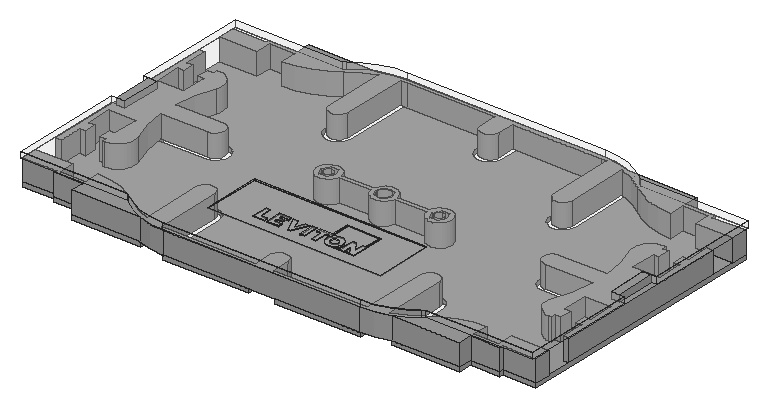
Revit family "Data_Device-Network-Leviton-Splice_Tray-T5PLS", category Data Devices, host Face, Revit 2019
Family settings
  Host = Face
  Maintain Annotation Orientation = Yes
  Round Connector Dimension = Use Diameter
  Part Type = Normal
  OmniClass Number = 23.85.50.17
  OmniClass Title = Communication and Data Processing Equipment
  Cut with Voids When Loaded = No
  Shared = Yes
  Room Calculation Point = No
Parameters (values of type "24-Fiber Splice Tray")
  z Leviton Type = 2
  z Is 24 Fibers = or(z Leviton Type = 2, z Leviton Type = 4)  # yes
  z Is 12 Fibers = or(z Leviton Type = 1, z Leviton Type = 3)  # no
  Width [instance] = if(z Leviton Type = 1, 5.59", 7.621")  # 7.621"
  Weight [instance] = 0.00 lbf
  URL = "http://www.leviton.com/networksolutions"
  UPC Code [instance] = ""
  Type Comments = ""
  Technical Support Phone Number = "1-800-824-3005"  # constant formula
  Shielded = 1 = 0  # no
  Serial Number [instance] = ""
  Quantity per Package = 0
  Product Documentation Link = "https://www.leviton.com/en/docs/Leviton_Spec_Opt-X_SDX_Engage_MTP_Fiber_Cassettes.pdf"
  Port ID [instance] = ""
  Part Number [instance] = if(z Leviton Type = 1, "T5PLS-12F", if(z Leviton Type = 2, "T5PLS-24F", "ERROR"))  # "T5PLS-24F"
  Part Description = Description  # "OPT-X SDX Engage Low Loss MTP Fiber Cassettes - OS2, 24-fiber, 2x12F MTP to LC shuttered, C Polarity."
  Original Creation Date = "September 28, 2023"  # constant formula
  Model Disclaimer = "http://www.leviton.com/BIMTERMS"
  Model = " "
  Minimum Order Quantity = 0
  Manufacturer = "Leviton"  # constant formula
  Height [instance] = if(z Leviton Type = 1, 3.74", 4.567")  # 4.567"
  Has ID Windows = 1 = 0  # no
  Family Version = "1.0.0"  # constant formula
  Equipment Type = ""
  Equipment Abbreviation = "FST"  # constant formula
  Description = "OPT-X SDX Engage Low Loss MTP Fiber Cassettes - OS2, 24-fiber, 2x12F MTP to LC shuttered, C Polarity."
  Depth [instance] = if(z Leviton Type = 1, 0.53", 0.49")  # 0.49"
  Default Elevation = 24"
  Date Last Modified = "September 28, 2023"  # constant formula
  Copyright = "Copyright © 2013-2014 Leviton Manufacturing Co., Inc."  # constant formula
  Channel ID [instance] = ""
  Channel Count [instance] = 0
  Assembly Code = "D5030600"
  Adapter Material = Plastic - Leviton - Blue
Reference planes (in)
  plane 1 "Center (Front/Back)": y = 0.21474
  plane 2 "Mounting Surface": z = 0
  plane 3 "Center (Left/Right)": x = -0.9065
  plane 4: x = -4.717
  plane 5: x = 2.904
  plane 6: y = 2.49824
  plane 7: y = -2.06876
  plane 8: z = 0.49
Dimensions and locks (in)
  equal spacing: plane 6, plane 1 "Center (Front/Back)", plane 7
  "Height": plane 6 to plane 7
  equal spacing: plane 4, plane 3 "Center (Left/Right)", plane 5
  "Width": plane 4 to plane 5
  "Depth": plane 8 to plane 2 "Mounting Surface"
  aligned and locked: plane 2 "Mounting Surface" to host face
  aligned and locked: host face to level
  aligned and locked: plane 3 "Center (Left/Right)" to nested 1
  aligned and locked: plane 1 "Center (Front/Back)" to nested 1
  aligned and locked: plane 1 "Center (Front/Back)" to nested 2
  aligned and locked: plane 3 "Center (Left/Right)" to nested 2
  aligned and locked: plane 1 "Center (Front/Back)" to nested 3
  aligned and locked: plane 3 "Center (Left/Right)" to nested 3
Automatic sketch dimensions
  host sketch curve to host sketch curve = 19"
  host sketch curve to host sketch curve = 36.38525"
Nested families (in)
  nested 1: "Symbol" at (-0.9065, 0.21474, 0), type "Data"
  nested 2: "12-Fiber Mini" at (-0.9065, 0.21474, 0), visible <- "z Is 12 Fibers", type "T5PLS-12F"
  nested 3: "24-Fiber High Density" at (-0.9065, 0.21474, 0), visible <- "z Is 24 Fibers", type "T5PLS-24F"
Definition of nested family "12-Fiber Mini"
  Parameters (values of type "T5PLS-12F")
    Width = 5.59"  # constant formula
    URL = "http://www.leviton.com/networksolutions"
    Manufacturer = "Leviton"  # constant formula
    Height = 3.74"  # constant formula
    Description = ""
    Depth = 0.43"  # constant formula
    Default Elevation = 48"
    Assembly Code = "D5030600"
  Reference planes (in)
    plane 1 "Center (Front/Back)": y = 0
    plane 2: z = 0
    plane 3 "Center (Left/Right)": x = 0
    plane 4 "Left": x = -2.795
    plane 5 "Top": y = 1.87
    plane 6 "Right": x = 2.795
    plane 7 "Bottom": y = -1.87
    plane 8: z = 0.43
    plane 9: z = 0.53
    plane 10: z = 0.06
    plane 11: x = -0.82669
    plane 12: x = 0.82669
  Forms (in)
    Extrusion 1, solid
      sketch origin (0, 0, 0) x (1, 0, 0) y (0, 1, 0)
        loop
          line (-48, 48) -> (-48, -48) -> (48, -48) -> (48, 48) -> (-48, 48)
      from 0 to -12
    Extrusion 2, solid, detail levels medium+fine
      sketch origin (0, 0, 0) x (1, 0, 0) y (0, 1, 0)
        loop
          line (2.28324, -1.87) -> (2.795, -1.87) -> (2.795, -1.63358) -> (1.89054, -1.63358)
          arc (1.89054, -1.63358) -> (1.70343, -1.6485) -> (1.52103, -1.69287) r 1.181
          arc (1.52103, -1.69287) -> (1.42054, -1.72354) -> (1.31877, -1.74967) r 2.3423
          line (1.31877, -1.74967) -> (1.31877, -1.1612)
          arc (1.31877, -1.1612) -> (1.18099, -1.02342) -> (1.0432, -1.1612) r 0.13778
          line (1.0432, -1.1612) -> (1.0432, -1.79672)
          arc (1.0432, -1.79672) -> (0.91546, -1.80723) -> (0.78732, -1.81074) r 2.34229
          line (0.78732, -1.81074) -> (-0.78732, -1.81074)
          arc (-0.78732, -1.81074) -> (-0.91546, -1.80723) -> (-1.0432, -1.79672) r 2.34229
          line (-1.0432, -1.79672) -> (-1.0432, -1.1612)
          arc (-1.0432, -1.1612) -> (-1.18099, -1.02342) -> (-1.31877, -1.1612) r 0.13778
          line (-1.31877, -1.1612) -> (-1.31877, -1.74967)
          arc (-1.31877, -1.74967) -> (-1.42054, -1.72354) -> (-1.52103, -1.69287) r 2.3423
          arc (-1.52103, -1.69287) -> (-1.70343, -1.6485) -> (-1.89054, -1.63358) r 1.181
          line (-1.89054, -1.63358) -> (-2.795, -1.63358) -> (-2.795, -1.87) -> (-2.28324, -1.87) -> (-2.28324, -1.69271) -> (-1.8998, -1.69271)
          arc (-1.8998, -1.69271) -> (-1.71436, -1.70741) -> (-1.53353, -1.75105) r 1.1809
          arc (-1.53353, -1.75105) -> (-1.16485, -1.84) -> (-0.78678, -1.8699) r 2.40552
          line (-0.78678, -1.8699) -> (0.78678, -1.8699)
          arc (0.78678, -1.8699) -> (1.16485, -1.84) -> (1.53353, -1.75105) r 2.40552
          arc (1.53353, -1.75105) -> (1.71436, -1.70741) -> (1.8998, -1.69271) r 1.1809
          line (1.8998, -1.69271) -> (2.28324, -1.69271) -> (2.28324, -1.87)
        loop
          line (2.73595, -1.25961) -> (2.795, -1.25961) -> (2.795, 1.25961) -> (2.73595, 1.25961) -> (2.73595, 1.02342) -> (2.21236, 1.02342)
          arc (2.21236, 1.02342) -> (2.11097, 0.96587) -> (2.10839, 0.84931) r 0.1181
          arc (2.10839, 0.84931) -> (2.25005, 0.50453) -> (2.31728, 0.13789) r 1.79116
          line (2.31728, 0.13789) -> (1.7911, 0.13789)
          arc (1.7911, 0.13789) -> (1.65332, 0.00011) -> (1.7911, -0.13768) r 0.13778
          line (1.7911, -0.13768) -> (2.3173, -0.13768)
          arc (2.3173, -0.13768) -> (2.25008, -0.50443) -> (2.10839, -0.84931) r 1.79116
          arc (2.10839, -0.84931) -> (2.11097, -0.96587) -> (2.21236, -1.02342) r 0.1181
          line (2.21236, -1.02342) -> (2.73595, -1.02342) -> (2.73595, -1.25961)
        loop
          line (2.28324, 1.87) -> (2.28324, 1.69257) -> (1.89968, 1.69257)
          arc (1.89968, 1.69257) -> (1.71387, 1.70728) -> (1.5327, 1.75103) r 1.18107
          arc (1.5327, 1.75103) -> (1.16366, 1.84015) -> (0.7852, 1.87011) r 2.40573
          line (0.7852, 1.87011) -> (-0.78521, 1.87011)
          arc (-0.78521, 1.87011) -> (-1.16367, 1.84015) -> (-1.5327, 1.75103) r 2.40573
          arc (-1.5327, 1.75103) -> (-1.71388, 1.70728) -> (-1.89968, 1.69257) r 1.18107
          line (-1.89968, 1.69257) -> (-2.28324, 1.69257) -> (-2.28324, 1.87) -> (-2.795, 1.87) -> (-2.795, 1.63358) -> (-1.89054, 1.63358)
          arc (-1.89054, 1.63358) -> (-1.70343, 1.6485) -> (-1.52103, 1.69287) r 1.181
          arc (-1.52103, 1.69287) -> (-1.42054, 1.72354) -> (-1.31877, 1.74967) r 2.3423
          line (-1.31877, 1.74967) -> (-1.31877, 1.1612)
          arc (-1.31877, 1.1612) -> (-1.18099, 1.02342) -> (-1.0432, 1.1612) r 0.13778
          line (-1.0432, 1.1612) -> (-1.0432, 1.79672)
          arc (-1.0432, 1.79672) -> (-0.91546, 1.80723) -> (-0.78732, 1.81095) r 2.34229
          line (-0.78732, 1.81095) -> (0.78732, 1.81074)
          arc (0.78732, 1.81074) -> (0.91546, 1.80723) -> (1.0432, 1.79672) r 2.34229
          line (1.0432, 1.79672) -> (1.0432, 1.1612)
          arc (1.0432, 1.1612) -> (1.18099, 1.02342) -> (1.31877, 1.1612) r 0.13778
          line (1.31877, 1.1612) -> (1.31877, 1.74967)
          arc (1.31877, 1.74967) -> (1.42054, 1.72354) -> (1.52103, 1.69287) r 2.3423
          arc (1.52103, 1.69287) -> (1.70343, 1.6485) -> (1.89054, 1.63358) r 1.181
          line (1.89054, 1.63358) -> (2.795, 1.63358) -> (2.795, 1.87) -> (2.28324, 1.87)
        loop
          line (0.53144, 0.55123) -> (0.53144, 0.02963) -> (0.17667, 0.02963)
          arc (0.17667, 0.02963) -> (0, 0.17922) -> (-0.17667, 0.02963) r 0.17912
          line (-0.17667, 0.02963) -> (-0.53144, 0.02963) -> (-0.53144, 0.55123) -> (-0.82669, 0.55123)
          arc (-0.82669, 0.55123) -> (-1.37782, 0.00011) -> (-0.82669, -0.55102) r 0.55113
          line (-0.82669, -0.55102) -> (-0.53144, -0.55102) -> (-0.53144, -0.02942) -> (-0.17667, -0.02942)
          arc (-0.17667, -0.02942) -> (0, -0.17901) -> (0.17667, -0.02942) r 0.17912
          line (0.17667, -0.02942) -> (0.53144, -0.02942) -> (0.53144, -0.55102) -> (0.82669, -0.55102)
          arc (0.82669, -0.55102) -> (1.37782, 0.00011) -> (0.82669, 0.55123) r 0.55113
          line (0.82669, 0.55123) -> (0.53144, 0.55123)
        loop
          line (-2.73595, -1.25961) -> (-2.73595, -1.02342) -> (-2.21236, -1.02342)
          arc (-2.21236, -1.02342) -> (-2.11097, -0.96587) -> (-2.10839, -0.84931) r 0.1181
          arc (-2.10839, -0.84931) -> (-2.25008, -0.50443) -> (-2.3173, -0.13768) r 1.79116
          line (-2.3173, -0.13768) -> (-1.7911, -0.13768)
          arc (-1.7911, -0.13768) -> (-1.65332, 0.00011) -> (-1.7911, 0.13789) r 0.13778
          line (-1.7911, 0.13789) -> (-2.31728, 0.13789)
          arc (-2.31728, 0.13789) -> (-2.25005, 0.50453) -> (-2.10839, 0.84931) r 1.79116
          arc (-2.10839, 0.84931) -> (-2.11097, 0.96587) -> (-2.21236, 1.02342) r 0.1181
          line (-2.21236, 1.02342) -> (-2.73595, 1.02342) -> (-2.73595, 1.25961) -> (-2.795, 1.25961) -> (-2.795, -1.25961) -> (-2.73595, -1.25961)
        loop
          line (-0.8882, 0.10643) -> (-0.94971, -0.00011) -> (-0.8882, -0.10664) -> (-0.76518, -0.10664) -> (-0.70367, -0.00011) -> (-0.76518, 0.10643) -> (-0.8882, 0.10643)
        loop
          line (0.8882, 0.10643) -> (0.76518, 0.10643) -> (0.70367, -0.00011) -> (0.76518, -0.10664) -> (0.8882, -0.10664) -> (0.94971, -0.00011) -> (0.8882, 0.10643)
        loop
          circle (0, -0.00011) r 0.12007
      from 0.06 to 0.43 <- "Depth"
    Extrusion 3, solid, detail levels medium+fine
      sketch origin (0, 0, 0) x (1, 0, 0) y (0, 1, 0)
        loop
          arc (-0.78678, 1.87) -> (-0.88555, 1.86787) -> (-0.98415, 1.86178) r 2.40552
          line (-0.98415, 1.86178) -> (-0.98415, 1.1612)
          arc (-0.98415, 1.1612) -> (-1.18099, 0.96437) -> (-1.37782, 1.1612) r 0.19683
          line (-1.37782, 1.1612) -> (-1.37782, 1.79616)
          arc (-1.37782, 1.79616) -> (-1.45605, 1.77492) -> (-1.53353, 1.75105) r 2.40552
          arc (-1.53353, 1.75105) -> (-1.71436, 1.70741) -> (-1.8998, 1.69271) r 1.1809
          line (-1.8998, 1.69271) -> (-2.28324, 1.69271) -> (-2.28324, 1.87) -> (-2.795, 1.87) -> (-2.795, -1.87) -> (-2.28324, -1.87) -> (-2.28324, -1.69271) -> (-1.8998, -1.69271)
          arc (-1.8998, -1.69271) -> (-1.71436, -1.70741) -> (-1.53353, -1.75105) r 1.1809
          arc (-1.53353, -1.75105) -> (-1.45605, -1.77492) -> (-1.37782, -1.79616) r 2.40552
          line (-1.37782, -1.79616) -> (-1.37782, -1.1612)
          arc (-1.37782, -1.1612) -> (-1.18099, -0.96437) -> (-0.98415, -1.1612) r 0.19683
          line (-0.98415, -1.1612) -> (-0.98415, -1.86178)
          arc (-0.98415, -1.86178) -> (-0.88555, -1.86787) -> (-0.78678, -1.87) r 2.40552
          line (-0.78678, -1.87) -> (0.78678, -1.8699)
          arc (0.78678, -1.8699) -> (0.88555, -1.86787) -> (0.98415, -1.86178) r 2.40552
          line (0.98415, -1.86178) -> (0.98415, -1.1612)
          arc (0.98415, -1.1612) -> (1.18099, -0.96437) -> (1.37782, -1.1612) r 0.19683
          line (1.37782, -1.1612) -> (1.37782, -1.79616)
          arc (1.37782, -1.79616) -> (1.45605, -1.77492) -> (1.53353, -1.75105) r 2.40552
          arc (1.53353, -1.75105) -> (1.71436, -1.70741) -> (1.8998, -1.69271) r 1.1809
          line (1.8998, -1.69271) -> (2.28324, -1.69271) -> (2.28324, -1.87) -> (2.795, -1.87) -> (2.795, 1.87) -> (2.28324, 1.87) -> (2.28324, 1.69271) -> (1.8998, 1.69271)
          arc (1.8998, 1.69271) -> (1.71436, 1.70741) -> (1.53353, 1.75105) r 1.1809
          arc (1.53353, 1.75105) -> (1.45605, 1.77492) -> (1.37782, 1.79616) r 2.40552
          line (1.37782, 1.79616) -> (1.37782, 1.1612)
          arc (1.37782, 1.1612) -> (1.18099, 0.96437) -> (0.98415, 1.1612) r 0.19683
          line (0.98415, 1.1612) -> (0.98415, 1.86178)
          arc (0.98415, 1.86178) -> (0.88555, 1.86787) -> (0.78678, 1.87) r 2.40552
          line (0.78678, 1.87) -> (-0.78678, 1.87)
        loop
          line (1.7911, -0.19673) -> (2.31176, -0.19673)
          arc (2.31176, -0.19673) -> (2.32261, 0.00011) -> (2.31176, 0.19694) r 1.79116
          line (2.31176, 0.19694) -> (1.7911, 0.19694)
          arc (1.7911, 0.19694) -> (1.59427, 0.00011) -> (1.7911, -0.19673) r 0.19683
        loop
          arc (-1.7911, -0.19673) -> (-1.59427, 0.00011) -> (-1.7911, 0.19694) r 0.19683
          line (-1.7911, 0.19694) -> (-2.31176, 0.19694)
          arc (-2.31176, 0.19694) -> (-2.32261, 0.00011) -> (-2.31176, -0.19673) r 1.79116
          line (-2.31176, -0.19673) -> (-1.7911, -0.19673)
      from 0 to 0.06
    Extrusion 4, solid
      sketch origin (0, 17.64159, 0.43) x (0, 1, 0) y (-1, 0, 0)
        loop
          line (-15.77159, 2.795) -> (-19.51159, 2.795) -> (-19.51159, 2.28324) -> (-19.41159, 2.28324) -> (-19.41159, 1.78324) -> (-19.51159, 1.78324) -> (-19.51159, -1.78324) -> (-19.41159, -1.78324) -> (-19.41159, -2.28324) -> (-19.51159, -2.28324) -> (-19.51159, -2.795) -> (-15.77159, -2.795) -> (-15.77159, -2.28324) -> (-15.87159, -2.28324) -> (-15.87159, -1.78324) -> (-15.77159, -1.78324) -> (-15.77159, 1.78324) -> (-15.87159, 1.78324) -> (-15.87159, 2.28324) -> (-15.77159, 2.28324) -> (-15.77159, 2.795)
      from 0 to 0.1
    Extrusion 5, void
      sketch origin (0, 0, 0) x (1, 0, 0) y (0, 1, 0)
        loop
          line (-0.91, -1.48) -> (0.91, -1.48) -> (0.91, -0.3) -> (-0.91, -0.3) -> (-0.91, -1.48)
      from 0.51437 to 0.59613
    Extrusion 6, solid
      sketch origin (0, 0, 0) x (1, 0, 0) y (0, 1, 0)
        loop
          circle (-0.82669, -0.00011) r 0.06889
        loop
          circle (0.82669, -0.00011) r 0.06889
        loop
          circle (0, -0.00011) r 0.1
      from 0.24889 to 0.53
    Extrusion 7, solid, detail levels coarse
      sketch origin (0, 0, 0) x (1, 0, 0) y (0, 1, 0)
        loop
          arc (-0.78678, 1.87) -> (-0.98524, 1.8617) -> (-1.18235, 1.83715) r 2.40552
          arc (-1.18235, 1.83715) -> (-1.35956, 1.80071) -> (-1.53353, 1.75105) r 2.40552
          arc (-1.53353, 1.75105) -> (-1.71436, 1.70741) -> (-1.8998, 1.69271) r 1.1809
          line (-1.8998, 1.69271) -> (-2.28324, 1.69271) -> (-2.28324, 1.87) -> (-2.795, 1.87) -> (-2.795, -1.87) -> (-2.28324, -1.87) -> (-2.28324, -1.69271) -> (-1.8998, -1.69271)
          arc (-1.8998, -1.69271) -> (-1.71436, -1.70741) -> (-1.53353, -1.75105) r 1.1809
          arc (-1.53353, -1.75105) -> (-1.33554, -1.80647) -> (-1.13354, -1.84477) r 2.40552
          arc (-1.13354, -1.84477) -> (-0.96062, -1.86361) -> (-0.78678, -1.87) r 2.40552
          line (-0.78678, -1.87) -> (0.78678, -1.8699)
          arc (0.78678, -1.8699) -> (0.98524, -1.8617) -> (1.18235, -1.83715) r 2.40552
          arc (1.18235, -1.83715) -> (1.35956, -1.80071) -> (1.53353, -1.75105) r 2.40552
          arc (1.53353, -1.75105) -> (1.71436, -1.70741) -> (1.8998, -1.69271) r 1.1809
          line (1.8998, -1.69271) -> (2.28324, -1.69271) -> (2.28324, -1.87) -> (2.795, -1.87) -> (2.795, 1.87) -> (2.28324, 1.87) -> (2.28324, 1.69271) -> (1.8998, 1.69271)
          arc (1.8998, 1.69271) -> (1.71436, 1.70741) -> (1.53353, 1.75105) r 1.1809
          arc (1.53353, 1.75105) -> (1.33554, 1.80647) -> (1.13354, 1.84477) r 2.40552
          arc (1.13354, 1.84477) -> (0.96062, 1.86361) -> (0.78678, 1.87) r 2.40552
          line (0.78678, 1.87) -> (-0.78678, 1.87)
      from 0 to 0.43 <- "Depth"
  Cuts and joins
    Extrusion 5 cuts Extrusion 2
    Extrusion 5 cuts Extrusion 3
    Extrusion 5 cuts Extrusion 4
    joined: Extrusion 4, Extrusion 6
  Lines and regions (in)
    symbolic lines
      curve 1: line (-2.795, 1.87, 0) -> (-2.795, -1.87, 0)
      curve 2: line (-2.795, 1.87, 0) -> (-2.28324, 1.87, 0)
      curve 3: line (-2.795, -1.87, 0) -> (-2.28324, -1.87, 0)
      curve 4: line (2.795, 1.87, 0) -> (2.795, -1.87, 0)
      curve 5: line (1.78324, -1.77, 0) -> (2.28324, -1.77, 0)
      curve 6: line (1.78324, -1.87, 0) -> (1.78324, -1.77, 0)
      curve 7: line (2.28324, -1.77, 0) -> (2.28324, -1.87, 0)
      curve 8: line (-1.78324, -1.77, 0) -> (-1.78324, -1.87, 0)
      curve 9: line (-2.28324, -1.77, 0) -> (-1.78324, -1.77, 0)
      curve 10: line (-2.28324, -1.87, 0) -> (-2.28324, -1.77, 0)
      curve 11: line (-1.78324, 1.77, 0) -> (-2.28324, 1.77, 0)
      curve 12: line (-1.78324, 1.87, 0) -> (-1.78324, 1.77, 0)
      curve 13: line (-2.28324, 1.77, 0) -> (-2.28324, 1.87, 0)
      curve 14: line (1.78324, 1.77, 0) -> (1.78324, 1.87, 0)
      curve 15: line (2.28324, 1.77, 0) -> (1.78324, 1.77, 0)
      curve 16: line (2.28324, 1.87, 0) -> (2.28324, 1.77, 0)
      curve 17: line (2.28324, 1.87, 0) -> (2.795, 1.87, 0)
      curve 18: line (-1.78324, 1.87, 0) -> (1.78324, 1.87, 0)
      curve 19: line (-1.78324, -1.87, 0) -> (1.78324, -1.87, 0)
      curve 20: line (2.28324, -1.87, 0) -> (2.795, -1.87, 0)
  Dimensions and locks (in)
    equal spacing: plane 5 "Top", plane 1 "Center (Front/Back)", plane 7 "Bottom"
    "Height": plane 5 "Top" to plane 7 "Bottom"
    equal spacing: plane 4 "Left", plane 3 "Center (Left/Right)", plane 6 "Right"
    "Width": plane 4 "Left" to plane 6 "Right"
    "Depth": plane 8 to plane 2
    locked: plane 8 to plane 9 at 0.1
    plane 10 to plane 2 = 0.06"
    locked: nested 1 to plane 7 "Bottom" at 0.73
    equal spacing: plane 11, plane 3 "Center (Left/Right)", plane 12
    locked: plane 11 to plane 12 at 1.65338
    Extrusion 5 sketch curve to Extrusion 5 sketch curve to plane 7 "Bottom" = 1.18" locked, 0.39" locked
    equal spacing: Extrusion 5 sketch curve, plane 3 "Center (Left/Right)", Extrusion 5 sketch curve
    locked: Extrusion 5 sketch curve to Extrusion 5 sketch curve at 1.82
    aligned and locked: plane 2 to Extrusion 1
    aligned and locked: level to Extrusion 1
    aligned and locked: Extrusion 3 sketch curve to plane 5 "Top"
    aligned and locked: Extrusion 3 sketch curve to plane 6 "Right"
    aligned and locked: Extrusion 3 sketch curve to plane 7 "Bottom"
    aligned and locked: Extrusion 3 sketch curve to plane 4 "Left"
    aligned and locked: plane 10 to Extrusion 3
    aligned and locked: Extrusion 4 sketch curve to plane 4 "Left"
    aligned and locked: Extrusion 4 sketch curve to plane 6 "Right"
    aligned and locked: Extrusion 4 sketch curve to plane 7 "Bottom"  (x3)
    aligned and locked: Extrusion 4 sketch curve to plane 5 "Top"  (x3)
    aligned and locked: Extrusion 4 to plane 9
    aligned and locked: nested 1 to plane 9
    aligned and locked: cut or joined group of Extrusion 4, Extrusion 5, Extrusion 6 to plane 9
    aligned and locked: curve 1 to plane 4 "Left"
    aligned and locked: curve 2 to plane 5 "Top"
    aligned and locked: curve 3 to plane 7 "Bottom"
    aligned and locked: curve 4 to plane 6 "Right"
    aligned and locked: curve 5 to cut or joined group of Extrusion 4, Extrusion 5, Extrusion 6
    aligned and locked: curve 6 to cut or joined group of Extrusion 4, Extrusion 5, Extrusion 6
    aligned and locked: curve 7 to cut or joined group of Extrusion 4, Extrusion 5, Extrusion 6
    aligned and locked: curve 8 to cut or joined group of Extrusion 4, Extrusion 5, Extrusion 6
    aligned and locked: curve 9 to cut or joined group of Extrusion 4, Extrusion 5, Extrusion 6
    aligned and locked: curve 10 to cut or joined group of Extrusion 4, Extrusion 5, Extrusion 6
    aligned and locked: curve 11 to cut or joined group of Extrusion 4, Extrusion 5, Extrusion 6
    aligned and locked: curve 12 to cut or joined group of Extrusion 4, Extrusion 5, Extrusion 6
    aligned and locked: curve 13 to cut or joined group of Extrusion 4, Extrusion 5, Extrusion 6
    aligned and locked: curve 14 to cut or joined group of Extrusion 4, Extrusion 5, Extrusion 6
    aligned and locked: curve 15 to cut or joined group of Extrusion 4, Extrusion 5, Extrusion 6
    aligned and locked: curve 16 to cut or joined group of Extrusion 4, Extrusion 5, Extrusion 6
  Automatic sketch dimensions
    Extrusion 1 sketch curve to Extrusion 1 sketch curve = 96"  (x2)
    Extrusion 2 sketch curve to Extrusion 2 sketch curve = 0"  (x26)
    Extrusion 2 sketch curve to plane 4 "Left" = 0"  (x3)
    Extrusion 2 sketch curve to plane 7 "Bottom" = 0"  (x2)
    Extrusion 2 sketch curve to plane 5 "Top" = 0"  (x2)
    Extrusion 2 sketch curve to plane 3 "Center (Left/Right)" = 0"
    Extrusion 2 sketch curve to plane 6 "Right" = 0"  (x3)
    plane 4 "Left" to Extrusion 2 sketch curve = 0.05905"  (x2)
    plane 1 "Center (Front/Back)" to Extrusion 2 sketch curve = 0.13768"  (x2)
    plane 4 "Left" to Extrusion 2 sketch curve = 0.4777"
    Extrusion 2 sketch curve to Extrusion 2 sketch curve = 0.00002"  (x2)
    Extrusion 2 sketch curve to Extrusion 2 sketch curve = 0.51176"
    Extrusion 2 sketch curve to plane 5 "Top" = 0.17743"
    plane 4 "Left" to Extrusion 2 sketch curve = 0.51176"
    Extrusion 2 sketch curve to Extrusion 2 sketch curve = 0.52359"  (x2)
    plane 4 "Left" to Extrusion 2 sketch curve = 0.89488"
    plane 7 "Bottom" to Extrusion 2 sketch curve = 0.17729"
    Extrusion 2 sketch curve to Extrusion 2 sketch curve = 0.38344"  (x2)
    plane 4 "Left" to Extrusion 2 sketch curve = 0.89532"
    Extrusion 2 sketch curve to Extrusion 2 sketch curve = 0.00913"  (x2)
    Extrusion 2 sketch curve to Extrusion 2 sketch curve = 0.00957"  (x2)
    Extrusion 2 sketch curve to Extrusion 2 sketch curve = 0.5262"
    plane 7 "Bottom" to Extrusion 2 sketch curve = 0.12033"  (x2)
    Extrusion 2 sketch curve to Extrusion 2 sketch curve = 0.57178"  (x3)
    Extrusion 2 sketch curve to plane 5 "Top" = 0.12033"
    Extrusion 2 sketch curve to Extrusion 2 sketch curve = 0.13778"  (x4)
    Extrusion 2 sketch curve to plane 1 "Center (Front/Back)" = 0.00011"  (x6)
    Extrusion 2 sketch curve to Extrusion 2 sketch curve = 0.82669"
    Extrusion 2 sketch curve to Extrusion 2 sketch curve = 0.03934"  (x2)
    Extrusion 2 sketch curve to Extrusion 2 sketch curve = 0.00003"  (x4)
    plane 7 "Bottom" to Extrusion 2 sketch curve = 0.0001"
    Extrusion 2 sketch curve to Extrusion 2 sketch curve = 0.00055"
    Extrusion 2 sketch curve to Extrusion 2 sketch curve = 0.00212"  (x4)
    Extrusion 2 sketch curve to Extrusion 2 sketch curve = 0.29525"
    plane 1 "Center (Front/Back)" to Extrusion 2 sketch curve = 0.00011"  (x6)
    Extrusion 2 sketch curve to Extrusion 2 sketch curve = 0.25533"
    plane 1 "Center (Front/Back)" to Extrusion 2 sketch curve = 0.02942"  (x2)
    Extrusion 2 sketch curve to plane 3 "Center (Left/Right)" = 0.17667"
    Extrusion 2 sketch curve to plane 1 "Center (Front/Back)" = 0.02963"  (x2)
    plane 3 "Center (Left/Right)" to Extrusion 2 sketch curve = 0.53144"
    plane 5 "Top" to Extrusion 2 sketch curve = 0.00011"
    plane 3 "Center (Left/Right)" to Extrusion 2 sketch curve = 0.7852"
    Extrusion 2 sketch curve to Extrusion 2 sketch curve = 0.25534"
    Extrusion 2 sketch curve to Extrusion 2 sketch curve = 0.00054"
    Extrusion 2 sketch curve to Extrusion 2 sketch curve = 0.03991"
    Extrusion 2 sketch curve to Extrusion 2 sketch curve = 0.21651"  (x2)
    Extrusion 2 sketch curve to plane 1 "Center (Front/Back)" = 0.13789"
    Extrusion 2 sketch curve to Extrusion 2 sketch curve = 0.96441"
    Extrusion 2 sketch curve to plane 6 "Right" = 0.90446"
    Extrusion 2 sketch curve to plane 5 "Top" = 0.23642"
    Extrusion 2 sketch curve to Extrusion 2 sketch curve = 0.00925"
    Extrusion 2 sketch curve to plane 6 "Right" = 0.58264"  (x2)
    Extrusion 2 sketch curve to Extrusion 2 sketch curve = 0.38356"
    Extrusion 2 sketch curve to plane 6 "Right" = 0.47772"
    Extrusion 2 sketch curve to plane 6 "Right" = 0.05905"  (x2)
    Extrusion 2 sketch curve to plane 7 "Bottom" = 0.94458"  (x2)
    Extrusion 2 sketch curve to Extrusion 2 sketch curve = 0.05904"  (x2)
    Extrusion 2 sketch curve to Extrusion 2 sketch curve = 0.05916"
    Extrusion 2 sketch curve to Extrusion 2 sketch curve = 0.01402"  (x2)
    Extrusion 2 sketch curve to Extrusion 2 sketch curve = 0.17729"
    Extrusion 2 sketch curve to Extrusion 2 sketch curve = 0.23642"  (x2)
    Extrusion 2 sketch curve to Extrusion 2 sketch curve = 0.37397"  (x2)
    Extrusion 2 sketch curve to Extrusion 2 sketch curve = 0.58847"  (x2)
    Extrusion 2 sketch curve to Extrusion 2 sketch curve = 0.2362"  (x4)
    Extrusion 2 sketch curve to Extrusion 2 sketch curve = 0.1181"  (x4)
    plane 1 "Center (Front/Back)" to Extrusion 2 sketch curve = 0.55102"
    Extrusion 2 sketch curve to Extrusion 2 sketch curve = 0.5216"
    Extrusion 2 sketch curve to Extrusion 2 sketch curve = 0.0154"  (x2)
    Extrusion 2 sketch curve to Extrusion 2 sketch curve = 0.00407"  (x2)
    Extrusion 2 sketch curve to Extrusion 2 sketch curve = 0.00408"  (x2)
    Extrusion 2 sketch curve to Extrusion 2 sketch curve = 0.76743"  (x2)
    Extrusion 2 sketch curve to Extrusion 2 sketch curve = 0.60996"  (x2)
    Extrusion 2 sketch curve to Extrusion 2 sketch curve = 0.05899"  (x2)
    Extrusion 2 sketch curve to Extrusion 2 sketch curve = 0.12044"
    Extrusion 2 sketch curve to plane 5 "Top" = 0.07328"  (x2)
    Extrusion 2 sketch curve to Extrusion 2 sketch curve = 0.94458"  (x2)
    Extrusion 2 sketch curve to Extrusion 2 sketch curve = 0.05907"  (x2)
    Extrusion 2 sketch curve to Extrusion 2 sketch curve = 0.10397"  (x4)
    Extrusion 2 sketch curve to Extrusion 2 sketch curve = 0.00021"
    Extrusion 3 sketch curve to Extrusion 3 sketch curve = 0"  (x39)
    Extrusion 3 sketch curve to plane 7 "Bottom" = 0"  (x2)
    Extrusion 3 sketch curve to plane 5 "Top" = 0"  (x2)
    plane 1 "Center (Front/Back)" to Extrusion 3 sketch curve = 0.19673"  (x2)
    plane 4 "Left" to Extrusion 3 sketch curve = 0.48324"
    Extrusion 3 sketch curve to plane 1 "Center (Front/Back)" = 0.19694"  (x2)
    plane 7 "Bottom" to Extrusion 3 sketch curve = 0.17729"  (x2)
    plane 4 "Left" to Extrusion 3 sketch curve = 0.51176"  (x2)
    Extrusion 3 sketch curve to plane 5 "Top" = 0.17729"  (x2)
    plane 4 "Left" to Extrusion 3 sketch curve = 0.89488"  (x2)
    Extrusion 3 sketch curve to Extrusion 3 sketch curve = 0.38344"  (x4)
    Extrusion 3 sketch curve to plane 1 "Center (Front/Back)" = 0.00011"  (x3)
    Extrusion 3 sketch curve to Extrusion 3 sketch curve = 0.52066"
    plane 7 "Bottom" to Extrusion 3 sketch curve = 0.07384"  (x2)
    Extrusion 3 sketch curve to Extrusion 3 sketch curve = 0.52198"  (x4)
    Extrusion 3 sketch curve to plane 5 "Top" = 0.07384"  (x2)
    Extrusion 3 sketch curve to Extrusion 3 sketch curve = 0.19683"  (x4)
    plane 7 "Bottom" to Extrusion 3 sketch curve = 0.00822"  (x2)
    Extrusion 3 sketch curve to Extrusion 3 sketch curve = 0.39366"  (x4)
    Extrusion 3 sketch curve to plane 5 "Top" = 0.00822"  (x2)
    Extrusion 3 sketch curve to Extrusion 3 sketch curve = 0.19737"  (x4)
    Extrusion 3 sketch curve to plane 3 "Center (Left/Right)" = 0.53144"
    plane 3 "Center (Left/Right)" to Extrusion 3 sketch curve = 0.53144"
    Extrusion 3 sketch curve to Extrusion 3 sketch curve = 0.25534"  (x2)
    Extrusion 3 sketch curve to plane 6 "Right" = 1.0039"
    Extrusion 3 sketch curve to plane 6 "Right" = 0.89488"  (x2)
    Extrusion 3 sketch curve to plane 6 "Right" = 0.48324"
    Extrusion 3 sketch curve to plane 7 "Bottom" = 1.00361"  (x2)
    Extrusion 3 sketch curve to Extrusion 3 sketch curve = 0.63496"  (x4)
    plane 1 "Center (Front/Back)" to Extrusion 3 sketch curve = 0.53563"  (x2)
    Extrusion 3 sketch curve to plane 1 "Center (Front/Back)" = 0.53563"  (x2)
    plane 5 "Top" to Extrusion 3 sketch curve = 1.00361"  (x2)
    plane 7 "Bottom" to Extrusion 4 sketch curve = 0.1"  (x2)
    Extrusion 4 sketch curve to Extrusion 4 sketch curve = 0.1"  (x2)
    Extrusion 4 sketch curve to plane 6 "Right" = 0.51176"  (x2)
    Extrusion 4 sketch curve to Extrusion 4 sketch curve = 0.5"  (x4)
    plane 4 "Left" to Extrusion 4 sketch curve = 1.01176"
    Extrusion 4 sketch curve to Extrusion 4 sketch curve = 1.01176"
    Extrusion 2 sketch curve to plane 11 = 0.06151"  (x2)
    Extrusion 2 sketch curve to plane 1 "Center (Front/Back)" = 0.10643"  (x2)
    Extrusion 2 sketch curve to plane 11 = 0.12302"
    plane 11 to Extrusion 2 sketch curve = 0.06151"  (x2)
    plane 1 "Center (Front/Back)" to Extrusion 2 sketch curve = 0.10664"  (x2)
    plane 11 to Extrusion 2 sketch curve = 0.12302"
    plane 12 to Extrusion 2 sketch curve = 0.12302"
    plane 12 to Extrusion 2 sketch curve = 0.06151"  (x2)
    Extrusion 2 sketch curve to plane 12 = 0.06151"  (x2)
    Extrusion 2 sketch curve to plane 12 = 0.12302"
    Extrusion 6 sketch curve to Extrusion 6 sketch curve = 0"  (x2)
    Extrusion 6 sketch curve to plane 11 = 0"
    Extrusion 6 sketch curve to plane 3 "Center (Left/Right)" = 0"
    Extrusion 6 sketch curve to plane 12 = 0"
    plane 1 "Center (Front/Back)" to Extrusion 6 sketch curve = 0.00011"  (x3)
    Extrusion 6 sketch curve to Extrusion 6 sketch curve = 0.1"
    Extrusion 7 sketch curve to Extrusion 7 sketch curve = 0"  (x14)
    Extrusion 7 sketch curve to plane 4 "Left" = 0"
    Extrusion 7 sketch curve to plane 7 "Bottom" = 0"  (x3)
    Extrusion 7 sketch curve to plane 5 "Top" = 0"  (x3)
    Extrusion 7 sketch curve to plane 6 "Right" = 0"
    plane 7 "Bottom" to Extrusion 7 sketch curve = 0.17729"  (x2)
    plane 4 "Left" to Extrusion 7 sketch curve = 0.51176"  (x2)
    Extrusion 7 sketch curve to plane 5 "Top" = 0.17729"  (x2)
    plane 4 "Left" to Extrusion 7 sketch curve = 0.89488"  (x2)
    Extrusion 7 sketch curve to Extrusion 7 sketch curve = 0.38344"  (x4)
    plane 11 to Extrusion 7 sketch curve = 0.03991"  (x2)
    plane 12 to Extrusion 7 sketch curve = 0.03991"  (x2)
    Extrusion 7 sketch curve to plane 6 "Right" = 0.89488"  (x2)
    plane 1 "Center (Front/Back)" to Extrusion 7 sketch curve = 0.53563"  (x2)
    Extrusion 7 sketch curve to plane 1 "Center (Front/Back)" = 0.53563"  (x2)
    Extrusion 7 sketch curve to plane 6 "Right" = 0.8952"  (x2)
    Extrusion 7 sketch curve to plane 5 "Top" = 0.03285"
    plane 7 "Bottom" to Extrusion 7 sketch curve = 0.02523"
    Extrusion 7 sketch curve to plane 11 = 0.30685"
    Extrusion 7 sketch curve to plane 11 = 0.35566"
    plane 7 "Bottom" to Extrusion 7 sketch curve = 0.03285"
    Extrusion 7 sketch curve to plane 12 = 0.35566"
    Extrusion 7 sketch curve to plane 12 = 0.30685"
    Extrusion 7 sketch curve to plane 5 "Top" = 0.02523"
    Extrusion 7 sketch curve to Extrusion 7 sketch curve = 0.39999"
    Extrusion 7 sketch curve to Extrusion 7 sketch curve = 0.35118"
    plane 7 "Bottom" to curve 5 = 0.1"
    curve 5 to plane 12 = 0.95655"
    plane 7 "Bottom" to curve 8 = 0.1"
    curve 8 to plane 11 = 0.95655"
    curve 9 to curve 9 = 0.5"
    curve 11 to plane 5 "Top" = 0.1"
    curve 11 to plane 11 = 0.95655"
    curve 14 to plane 5 "Top" = 0.1"
    curve 14 to plane 12 = 0.95655"
    curve 15 to curve 15 = 0.5"
    curve 2 to curve 12 = 0.5"
    curve 6 to curve 20 = 0.5"
    curve 20 to plane 7 "Bottom" = 0"
    curve 8 to plane 7 "Bottom" = 0"
    curve 18 to plane 5 "Top" = 0"
    curve 16 to plane 5 "Top" = 0"
    radius of Extrusion 6 sketch curve = 0.06889"  (x2)
  Nested families (in)
    nested 1: "Levinton-Logo-Mini" at (0, -1.14, 0.51437), type "Mini", detail levels medium+fine
      with Logo Material none
  Definition of nested family "Levinton-Logo-Mini"
    Parameters (values of type "Mini")
      Logo Material [instance] = none
      Height = 0.645"
      Default Elevation = 48"
    Reference planes (in)
      plane 1 "Center (Front/Back)": y = 0
      plane 2: z = 0
      plane 3 "Center (Left/Right)": x = 0
      plane 4 "Logo Bottom": z = -0.01563
      plane 5: y = 0.52022
      plane 6: x = -0.75
      plane 7: x = 0.75
    Forms (in)
      Extrusion 1, solid, material <- "Logo Material"
        sketch origin (0, 0, -0.01563) x (-1, 0, 0) y (0, -1, 0)
          loop
            line (0.6807, -0.2447) -> (0.75, -0.2447) -> (0.75, 0) -> (0.58397, 0) -> (0.58397, -0.0648) -> (0.6807, -0.0648) -> (0.6807, -0.2447)
          loop
            line (0.36502, -0.2447) -> (0.54675, -0.2447) -> (0.54675, 0) -> (0.36343, 0) -> (0.36343, -0.0638) -> (0.47784, -0.0638) -> (0.47784, -0.09755) -> (0.39492, -0.09755) -> (0.39492, -0.1488) -> (0.47784, -0.1488) -> (0.47784, -0.181) -> (0.36502, -0.181) -> (0.36502, -0.2447)
          loop
            line (0.26335, -0.2447) -> (0.33945, -0.2447) -> (0.24068, 0.00131) -> (0.18347, 0.00146) -> (0.08461, -0.2447) -> (0.15942, -0.2447) -> (0.21139, -0.10474) -> (0.26335, -0.2447)
          loop
            line (-0.01265, -0.2447) -> (0.05659, -0.2447) -> (0.05659, 0) -> (-0.01265, 0) -> (-0.01265, -0.2447)
          loop
            line (-0.36974, 0.00286) -> (-0.75, 0.00286) -> (-0.75, -0.52022) -> (-0.24513, -0.52022) -> (-0.24513, -0.2447) -> (-0.05545, -0.2447) -> (-0.05545, -0.1794) -> (-0.11618, -0.1794) -> (-0.11618, 0) -> (-0.18542, 0) -> (-0.18542, -0.1794) -> (-0.24514, -0.1794) -> (-0.24514, -0.12175)
            arc (-0.24514, -0.12175) -> (-0.28164, -0.03364) -> (-0.36974, 0.00286) r 0.1246
          loop
            line (-0.43149, -0.01348) -> (-0.53031, -0.01348) -> (-0.53031, -0.2447) -> (-0.59073, -0.2447) -> (-0.6814, -0.12172) -> (-0.6814, -0.2447) -> (-0.73267, -0.2447) -> (-0.73265, -0.50286) -> (-0.26251, -0.50286) -> (-0.26242, -0.18507)
            arc (-0.26242, -0.18507) -> (-0.45852, -0.2092) -> (-0.43149, -0.01348) r 0.12462
          loop
            line (-0.59892, -0.01348) -> (-0.6814, -0.01348) -> (-0.59892, -0.12534) -> (-0.59892, -0.01348)
          loop
            circle (-0.36975, -0.12173) r 0.05894
        from 0.01562 to 0.03125
    Dimensions and locks (in)
      locked: plane 2 to plane 4 "Logo Bottom" at 0.01562
      equal spacing: plane 6, plane 3 "Center (Left/Right)", plane 7
      locked: plane 6 to plane 7 at 1.5
      locked: plane 1 "Center (Front/Back)" to plane 5 at 0.52022
    Automatic sketch dimensions
      Extrusion 1 sketch curve to Extrusion 1 sketch curve = 0"  (x7)
      plane 1 "Center (Front/Back)" to Extrusion 1 sketch curve = 0"  (x4)
      Extrusion 1 sketch curve to plane 3 "Center (Left/Right)" = 0.75"
      Extrusion 1 sketch curve to Extrusion 1 sketch curve = 0.01733"
      Extrusion 1 sketch curve to Extrusion 1 sketch curve = 0.01735"
      Extrusion 1 sketch curve to plane 1 "Center (Front/Back)" = 0.12172"
      Extrusion 1 sketch curve to Extrusion 1 sketch curve = 0.05127"
      Extrusion 1 sketch curve to plane 1 "Center (Front/Back)" = 0.01348"  (x2)
      Extrusion 1 sketch curve to Extrusion 1 sketch curve = 0.0686"
      Extrusion 1 sketch curve to plane 1 "Center (Front/Back)" = 0.12534"
      Extrusion 1 sketch curve to Extrusion 1 sketch curve = 0.08248"
      Extrusion 1 sketch curve to plane 1 "Center (Front/Back)" = 0.2447"  (x2)
      Extrusion 1 sketch curve to Extrusion 1 sketch curve = 0.09067"
      Extrusion 1 sketch curve to Extrusion 1 sketch curve = 0.06041"
      Extrusion 1 sketch curve to Extrusion 1 sketch curve = 0.09883"
      Extrusion 1 sketch curve to Extrusion 1 sketch curve = 0.06174"
      Extrusion 1 sketch curve to Extrusion 1 sketch curve = 0.00001"  (x2)
      plane 3 "Center (Left/Right)" to Extrusion 1 sketch curve = 0.26251"
      Extrusion 1 sketch curve to Extrusion 1 sketch curve = 0.10732"
      Extrusion 1 sketch curve to Extrusion 1 sketch curve = 0.01728"
      Extrusion 1 sketch curve to Extrusion 1 sketch curve = 0.01729"
      Extrusion 1 sketch curve to Extrusion 1 sketch curve = 0.05972"
      Extrusion 1 sketch curve to Extrusion 1 sketch curve = 0.06924"
      plane 3 "Center (Left/Right)" to Extrusion 1 sketch curve = 0.05545"
      plane 3 "Center (Left/Right)" to Extrusion 1 sketch curve = 0.01265"
      Extrusion 1 sketch curve to plane 3 "Center (Left/Right)" = 0.05659"
      Extrusion 1 sketch curve to Extrusion 1 sketch curve = 0.02802"
      Extrusion 1 sketch curve to Extrusion 1 sketch curve = 0.07482"
      plane 1 "Center (Front/Back)" to Extrusion 1 sketch curve = 0.00146"
      Extrusion 1 sketch curve to Extrusion 1 sketch curve = 0.12688"
      Extrusion 1 sketch curve to plane 1 "Center (Front/Back)" = 0.10474"
      Extrusion 1 sketch curve to Extrusion 1 sketch curve = 0.02792"
      plane 1 "Center (Front/Back)" to Extrusion 1 sketch curve = 0.00131"
      Extrusion 1 sketch curve to Extrusion 1 sketch curve = 0.05721"
      Extrusion 1 sketch curve to Extrusion 1 sketch curve = 0.10392"
      Extrusion 1 sketch curve to Extrusion 1 sketch curve = 0.0761"
      Extrusion 1 sketch curve to Extrusion 1 sketch curve = 0.12275"
      Extrusion 1 sketch curve to Extrusion 1 sketch curve = 0.02557"
      Extrusion 1 sketch curve to Extrusion 1 sketch curve = 0.02991"
      Extrusion 1 sketch curve to Extrusion 1 sketch curve = 0.08291"
      Extrusion 1 sketch curve to Extrusion 1 sketch curve = 0.06892"
      Extrusion 1 sketch curve to Extrusion 1 sketch curve = 0.03722"
      Extrusion 1 sketch curve to Extrusion 1 sketch curve = 0.09673"
      Extrusion 1 sketch curve to Extrusion 1 sketch curve = 0.0693"
      Extrusion 1 sketch curve to Extrusion 1 sketch curve = 0.12298"
      Extrusion 1 sketch curve to Extrusion 1 sketch curve = 0.25817"
      Extrusion 1 sketch curve to Extrusion 1 sketch curve = 0.01736"
      Extrusion 1 sketch curve to Extrusion 1 sketch curve = 0.05963"
      Extrusion 1 sketch curve to Extrusion 1 sketch curve = 0.0637"
      Extrusion 1 sketch curve to Extrusion 1 sketch curve = 0.00566"
      Extrusion 1 sketch curve to Extrusion 1 sketch curve = 0.06529"
      Extrusion 1 sketch curve to Extrusion 1 sketch curve = 0.03219"
      Extrusion 1 sketch curve to Extrusion 1 sketch curve = 0.05126"
      Extrusion 1 sketch curve to Extrusion 1 sketch curve = 0.0648"
      Extrusion 1 sketch curve to Extrusion 1 sketch curve = 0.03375"
      plane 1 "Center (Front/Back)" to Extrusion 1 sketch curve = 0.00286"
      radius of Extrusion 1 sketch curve = 0.05894"
Definition of nested family "24-Fiber High Density"
  Parameters (values of type "T5PLS-24F")
    Width = 7.63"  # constant formula
    URL = "http://www.leviton.com/networksolutions"
    Manufacturer = "Leviton"  # constant formula
    Height = 4.56"  # constant formula
    Description = ""
    Depth = 0.39"  # constant formula
    Default Elevation = 48"
    Assembly Code = "D5030600"
  Reference planes (in)
    plane 1 "Center (Front/Back)": y = 0
    plane 2: z = 0
    plane 3 "Center (Left/Right)": x = 0
    plane 4 "Left": x = -3.815
    plane 5 "Top": y = 2.28
    plane 6 "Right": x = 3.815
    plane 7 "Bottom": y = -2.28
    plane 8: z = 0.39
    plane 9: z = 0.49
    plane 10: z = 0.06
    plane 11: x = -0.82669
    plane 12: x = 0.82669
  Forms (in)
    Extrusion 1, solid
      sketch origin (0, 0, 0) x (1, 0, 0) y (0, 1, 0)
        loop
          line (-48, 48) -> (-48, -48) -> (48, -48) -> (48, 48) -> (-48, 48)
      from 0 to -12
    Extrusion 2, solid, detail levels medium+fine
      sketch origin (0, 0, 0) x (1, 0, 0) y (0, 1, 0)
        loop
          line (0.65164, 0.02963) -> (0.17667, 0.02963)
          arc (0.17667, 0.02963) -> (0, 0.17922) -> (-0.17667, 0.02963) r 0.17912
          line (-0.17667, 0.02963) -> (-0.65164, 0.02963)
          arc (-0.65164, 0.02963) -> (-1.00291, -0.00239) -> (-0.65122, -0.02942) r 0.17698
          line (-0.65122, -0.02942) -> (-0.17667, -0.02942)
          arc (-0.17667, -0.02942) -> (0, -0.17901) -> (0.17667, -0.02942) r 0.17912
          line (0.17667, -0.02942) -> (0.65122, -0.02942)
          arc (0.65122, -0.02942) -> (1.00291, -0.00239) -> (0.65164, 0.02963) r 0.17698
        loop
          line (-0.8882, 0.10643) -> (-0.94971, -0.00011) -> (-0.8882, -0.10664) -> (-0.76518, -0.10664) -> (-0.70367, -0.00011) -> (-0.76518, 0.10643) -> (-0.8882, 0.10643)
        loop
          line (0.8882, 0.10643) -> (0.76518, 0.10643) -> (0.70367, -0.00011) -> (0.76518, -0.10664) -> (0.8882, -0.10664) -> (0.94971, -0.00011) -> (0.8882, 0.10643)
        loop
          circle (0, -0.00011) r 0.12007
        loop
          line (-2.89075, 2.20213) -> (-2.89075, 2.00154) -> (-3.32338, 2.00154) -> (-3.32338, 1.9457) -> (-3.815, 1.9457) -> (-3.815, 1.70972) -> (-3.26438, 1.70972) -> (-3.26438, 1.94255) -> (-2.89075, 1.94255) -> (-2.89075, 1.7099)
          arc (-2.89075, 1.7099) -> (-2.51325, 1.77888) -> (-2.17786, 1.96536) r 1.1799
          arc (-2.17786, 1.96536) -> (-2.00236, 2.08076) -> (-1.80918, 2.16321) r 1.1799
          line (-1.80918, 2.16321) -> (-1.80918, 1.23776)
          arc (-1.80918, 1.23776) -> (-1.67152, 1.1001) -> (-1.53387, 1.23776) r 0.13765
          line (-1.53387, 1.23776) -> (-1.53387, 2.21761)
          arc (-1.53387, 2.21761) -> (-1.48918, 2.22016) -> (-1.44444, 2.22101) r 1.1799
          line (-1.44444, 2.22101) -> (-0.13765, 2.22101) -> (-0.13765, 1.96536)
          arc (-0.13765, 1.96536) -> (0, 1.82771) -> (0.13765, 1.96536) r 0.13765
          line (0.13765, 1.96536) -> (0.13765, 2.22101) -> (1.44444, 2.22101)
          arc (1.44444, 2.22101) -> (1.48918, 2.22016) -> (1.53387, 2.21761) r 1.1799
          line (1.53387, 2.21761) -> (1.53387, 1.23776)
          arc (1.53387, 1.23776) -> (1.67152, 1.1001) -> (1.80918, 1.23776) r 0.13765
          line (1.80918, 1.23776) -> (1.80918, 2.16321)
          arc (1.80918, 2.16321) -> (2.00236, 2.08076) -> (2.17786, 1.96536) r 1.1799
          arc (2.17786, 1.96536) -> (2.51325, 1.77888) -> (2.89075, 1.7099) r 1.1799
          line (2.89075, 1.7099) -> (2.89075, 1.94255) -> (3.26438, 1.94255) -> (3.26438, 1.70972) -> (3.815, 1.70972) -> (3.815, 1.9457) -> (3.32338, 1.9457) -> (3.32338, 2.00154) -> (2.89075, 2.00154) -> (2.89075, 2.20213) -> (1.87542, 2.20213)
          arc (1.87542, 2.20213) -> (1.66821, 2.26037) -> (1.45387, 2.28) r 1.1799
          line (1.45387, 2.28) -> (-1.45387, 2.28)
          arc (-1.45387, 2.28) -> (-1.66821, 2.26037) -> (-1.87542, 2.20213) r 1.1799
          line (-1.87542, 2.20213) -> (-2.89075, 2.20213)
        loop
          line (-3.73634, 1.00084) -> (-3.73634, 1.33608) -> (-3.815, 1.33608) -> (-3.815, -1.33608) -> (-3.73634, -1.33608) -> (-3.73634, -1.00084) -> (-3.64785, -1.00084) -> (-3.64785, -0.82479) -> (-3.73634, -0.82479) -> (-3.73634, -0.45116) -> (-3.34304, -0.45116) -> (-3.34304, -0.82479) -> (-3.43153, -0.82479) -> (-3.43153, -1.00084) -> (-3.34304, -1.00084) -> (-3.34304, -1.06436) -> (-3.30557, -1.06436)
          arc (-3.30557, -1.06436) -> (-3.10184, -0.95609) -> (-3.07758, -0.72665) r 0.24581
          arc (-3.07758, -0.72665) -> (-3.16855, -0.43803) -> (-3.2137, -0.13879) r 1.94683
          line (-3.2137, -0.13879) -> (-2.50919, -0.13879)
          arc (-2.50919, -0.13879) -> (-2.37153, -0.00113) -> (-2.50919, 0.13652) r 0.13765
          line (-2.50919, 0.13652) -> (-3.21386, 0.13652)
          arc (-3.21386, 0.13652) -> (-3.16881, 0.43692) -> (-3.07758, 0.72665) r 1.94683
          arc (-3.07758, 0.72665) -> (-3.10184, 0.95609) -> (-3.30557, 1.06436) r 0.24581
          line (-3.30557, 1.06436) -> (-3.34304, 1.06436) -> (-3.34304, 1.00084) -> (-3.43153, 1.00084) -> (-3.43153, 0.82479) -> (-3.34304, 0.82479) -> (-3.34304, 0.45116) -> (-3.73634, 0.45116) -> (-3.73634, 0.82479) -> (-3.64785, 0.82479) -> (-3.64785, 1.00084) -> (-3.73634, 1.00084)
        loop
          line (-2.89075, -2.20213) -> (-1.87542, -2.20213)
          arc (-1.87542, -2.20213) -> (-1.66821, -2.26037) -> (-1.45387, -2.28) r 1.1799
          line (-1.45387, -2.28) -> (1.45387, -2.28)
          arc (1.45387, -2.28) -> (1.66821, -2.26037) -> (1.87542, -2.20213) r 1.1799
          line (1.87542, -2.20213) -> (2.89075, -2.20213) -> (2.89075, -2.00154) -> (3.32338, -2.00154) -> (3.32338, -1.9457) -> (3.815, -1.9457) -> (3.815, -1.70972) -> (3.26438, -1.70972) -> (3.26438, -1.94255) -> (2.89075, -1.94255) -> (2.89075, -1.7099)
          arc (2.89075, -1.7099) -> (2.51325, -1.77888) -> (2.17786, -1.96536) r 1.1799
          arc (2.17786, -1.96536) -> (2.00236, -2.08076) -> (1.80918, -2.16321) r 1.1799
          line (1.80918, -2.16321) -> (1.80918, -1.23776)
          arc (1.80918, -1.23776) -> (1.67152, -1.1001) -> (1.53387, -1.23776) r 0.13765
          line (1.53387, -1.23776) -> (1.53387, -2.21761)
          arc (1.53387, -2.21761) -> (1.48918, -2.22016) -> (1.44444, -2.22101) r 1.1799
          line (1.44444, -2.22101) -> (0.13765, -2.22101) -> (0.13765, -1.96536)
          arc (0.13765, -1.96536) -> (0, -1.82771) -> (-0.13765, -1.96536) r 0.13765
          line (-0.13765, -1.96536) -> (-0.13765, -2.22101) -> (-1.44444, -2.22101)
          arc (-1.44444, -2.22101) -> (-1.48918, -2.22016) -> (-1.53387, -2.21761) r 1.1799
          line (-1.53387, -2.21761) -> (-1.53387, -1.23776)
          arc (-1.53387, -1.23776) -> (-1.67152, -1.1001) -> (-1.80918, -1.23776) r 0.13765
          line (-1.80918, -1.23776) -> (-1.80918, -2.16321)
          arc (-1.80918, -2.16321) -> (-2.00236, -2.08076) -> (-2.17786, -1.96536) r 1.1799
          arc (-2.17786, -1.96536) -> (-2.51325, -1.77888) -> (-2.89075, -1.7099) r 1.1799
          line (-2.89075, -1.7099) -> (-2.89075, -1.94255) -> (-3.26438, -1.94255) -> (-3.26438, -1.70972) -> (-3.815, -1.70972) -> (-3.815, -1.9457) -> (-3.32338, -1.9457) -> (-3.32338, -2.00154) -> (-2.89075, -2.00154) -> (-2.89075, -2.20213)
        loop
          line (3.73634, 1.00084) -> (3.64785, 1.00084) -> (3.64785, 0.82479) -> (3.73634, 0.82479) -> (3.73634, 0.45116) -> (3.34304, 0.45116) -> (3.34304, 0.82479) -> (3.43153, 0.82479) -> (3.43153, 1.00084) -> (3.34304, 1.00084) -> (3.34304, 1.06436) -> (3.30557, 1.06436)
          arc (3.30557, 1.06436) -> (3.10184, 0.95609) -> (3.07758, 0.72665) r 0.24581
          arc (3.07758, 0.72665) -> (3.16881, 0.43692) -> (3.21386, 0.13652) r 1.94683
          line (3.21386, 0.13652) -> (2.50919, 0.13652)
          arc (2.50919, 0.13652) -> (2.37153, -0.00113) -> (2.50919, -0.13879) r 0.13765
          line (2.50919, -0.13879) -> (3.2137, -0.13879)
          arc (3.2137, -0.13879) -> (3.16855, -0.43803) -> (3.07758, -0.72665) r 1.94683
          arc (3.07758, -0.72665) -> (3.10184, -0.95609) -> (3.30557, -1.06436) r 0.24581
          line (3.30557, -1.06436) -> (3.34304, -1.06436) -> (3.34304, -1.00084) -> (3.43153, -1.00084) -> (3.43153, -0.82479) -> (3.34304, -0.82479) -> (3.34304, -0.45116) -> (3.73634, -0.45116) -> (3.73634, -0.82479) -> (3.64785, -0.82479) -> (3.64785, -1.00084) -> (3.73634, -1.00084) -> (3.73634, -1.33608) -> (3.815, -1.33608) -> (3.815, 1.33608) -> (3.73634, 1.33608) -> (3.73634, 1.00084)
      from 0.06 to 0.39 <- "Depth"
    Extrusion 3, solid, detail levels medium+fine
      sketch origin (0, 0, 0) x (1, 0, 0) y (0, 1, 0)
        loop
          line (-2.89075, 2.00154) -> (-3.32338, 2.00154) -> (-3.32338, 1.9457) -> (-3.815, 1.9457) -> (-3.815, -1.9457) -> (-3.32338, -1.9457) -> (-3.32338, -2.00154) -> (-2.89075, -2.00154) -> (-2.89075, -2.20213) -> (-1.86817, -2.20213) -> (-1.86817, -1.23776)
          arc (-1.86817, -1.23776) -> (-1.67152, -1.04111) -> (-1.47487, -1.23776) r 0.19665
          line (-1.47487, -1.23776) -> (-1.47487, -2.28) -> (-0.19665, -2.28) -> (-0.19665, -1.96536)
          arc (-0.19665, -1.96536) -> (0, -1.76871) -> (0.19665, -1.96536) r 0.19665
          line (0.19665, -1.96536) -> (0.19665, -2.28) -> (1.47487, -2.28) -> (1.47487, -1.23776)
          arc (1.47487, -1.23776) -> (1.67152, -1.04111) -> (1.86817, -1.23776) r 0.19665
          line (1.86817, -1.23776) -> (1.86817, -2.20213) -> (2.89075, -2.20213) -> (2.89075, -2.00154) -> (3.32338, -2.00154) -> (3.32338, -1.9457) -> (3.815, -1.9457) -> (3.815, 1.9457) -> (3.32338, 1.9457) -> (3.32338, 2.00154) -> (2.89075, 2.00154) -> (2.89075, 2.20213) -> (1.86817, 2.20213) -> (1.86817, 1.23776)
          arc (1.86817, 1.23776) -> (1.67152, 1.04111) -> (1.47487, 1.23776) r 0.19665
          line (1.47487, 1.23776) -> (1.47487, 2.28) -> (0.19665, 2.28) -> (0.19665, 1.96536)
          arc (0.19665, 1.96536) -> (0, 1.76871) -> (-0.19665, 1.96536) r 0.19665
          line (-0.19665, 1.96536) -> (-0.19665, 2.28) -> (-1.47487, 2.28) -> (-1.47487, 1.23776)
          arc (-1.47487, 1.23776) -> (-1.67152, 1.04111) -> (-1.86817, 1.23776) r 0.19665
          line (-1.86817, 1.23776) -> (-1.86817, 2.20213) -> (-2.89075, 2.20213) -> (-2.89075, 2.00154)
        loop
          line (-3.20878, -0.19778) -> (-2.50919, -0.19778)
          arc (-2.50919, -0.19778) -> (-2.31254, -0.00113) -> (-2.50919, 0.19552) r 0.19665
          line (-2.50919, 0.19552) -> (-3.20878, 0.19552)
          arc (-3.20878, 0.19552) -> (-3.21873, -0.00113) -> (-3.20878, -0.19778) r 1.94683
        loop
          arc (3.20878, -0.19778) -> (3.21873, -0.00113) -> (3.20878, 0.19552) r 1.94683
          line (3.20878, 0.19552) -> (2.50919, 0.19552)
          arc (2.50919, 0.19552) -> (2.31254, -0.00113) -> (2.50919, -0.19778) r 0.19665
          line (2.50919, -0.19778) -> (3.20878, -0.19778)
      from 0 to 0.06
    Extrusion 4, solid
      sketch origin (0, 17.64159, 0.39) x (0, 1, 0) y (-1, 0, 0)
        loop
          line (-15.64042, 3.815) -> (-17.34775, 3.815) -> (-17.34775, 3.61835) -> (-17.9377, 3.61835) -> (-17.9377, 3.815) -> (-19.64275, 3.815) -> (-19.64275, 2.21957)
          arc (-19.64275, 2.21957) -> (-19.65513, 2.20273) -> (-19.66781, 2.18611) r 1.17102
          arc (-19.66781, 2.18611) -> (-19.85627, 1.84926) -> (-19.92159, 1.46883) r 1.14053
          line (-19.92159, 1.46883) -> (-19.92159, -1.46883)
          arc (-19.92159, -1.46883) -> (-19.85627, -1.84926) -> (-19.66781, -2.18611) r 1.14053
          arc (-19.66781, -2.18611) -> (-19.65513, -2.20273) -> (-19.64275, -2.21957) r 1.17102
          line (-19.64275, -2.21957) -> (-19.64275, -3.815) -> (-17.9377, -3.815) -> (-17.9377, -3.61835) -> (-17.34775, -3.61835) -> (-17.34775, -3.815) -> (-15.64042, -3.815) -> (-15.64042, -2.21957)
          arc (-15.64042, -2.21957) -> (-15.62805, -2.20273) -> (-15.61537, -2.18611) r 1.17102
          arc (-15.61537, -2.18611) -> (-15.4269, -1.84926) -> (-15.36159, -1.46883) r 1.14053
          line (-15.36159, -1.46883) -> (-15.36159, 1.46883)
          arc (-15.36159, 1.46883) -> (-15.4269, 1.84926) -> (-15.61537, 2.18611) r 1.14053
          arc (-15.61537, 2.18611) -> (-15.62805, 2.20273) -> (-15.64042, 2.21957) r 1.17102
          line (-15.64042, 2.21957) -> (-15.64042, 3.815)
      from 0 to 0.1
    Extrusion 5, void
      sketch origin (0, 0, 0) x (1, 0, 0) y (0, 1, 0)
        loop
          line (-1.285, -1.68) -> (1.285, -1.68) -> (1.285, -0.81) -> (-1.285, -0.81) -> (-1.285, -1.68)
      from 0.47437 to 0.59613
    Extrusion 6, solid
      sketch origin (0, 0, 0) x (1, 0, 0) y (0, 1, 0)
        loop
          circle (-0.82669, -0.00011) r 0.06889
        loop
          circle (0.82669, -0.00011) r 0.06889
        loop
          circle (0, -0.00011) r 0.1
      from 0.24889 to 0.49
    Extrusion 7, solid, detail levels medium+fine
      sketch origin (0, 17.64159, 0.39) x (0, 1, 0) y (-1, 0, 0)
        loop
          line (-17.9377, 3.73634) -> (-17.9377, 3.61835) -> (-17.34775, 3.61835) -> (-17.34775, 3.73634) -> (-17.9377, 3.73634)
        loop
          line (-17.9377, -3.73634) -> (-17.34775, -3.73634) -> (-17.34775, -3.61835) -> (-17.9377, -3.61835) -> (-17.9377, -3.73634)
      from 0 to 0.1
    Extrusion 8, solid, detail levels coarse
      sketch origin (0, 0, 0) x (1, 0, 0) y (0, 1, 0)
        loop
          line (-2.89075, 2.00154) -> (-3.32338, 2.00154) -> (-3.32338, 1.9457) -> (-3.815, 1.9457) -> (-3.815, -1.9457) -> (-3.32338, -1.9457) -> (-3.32338, -2.00154) -> (-2.89075, -2.00154) -> (-2.89075, -2.20213) -> (-1.88304, -2.20213)
          arc (-1.88304, -2.20213) -> (-1.67957, -2.26036) -> (-1.46883, -2.28) r 1.14053
          line (-1.46883, -2.28) -> (1.46883, -2.28)
          arc (1.46883, -2.28) -> (1.67957, -2.26036) -> (1.88304, -2.20213) r 1.14053
          line (1.88304, -2.20213) -> (2.89075, -2.20213) -> (2.89075, -2.00154) -> (3.32338, -2.00154) -> (3.32338, -1.9457) -> (3.815, -1.9457) -> (3.815, 1.9457) -> (3.32338, 1.9457) -> (3.32338, 2.00154) -> (2.89075, 2.00154) -> (2.89075, 2.20213) -> (1.88304, 2.20213)
          arc (1.88304, 2.20213) -> (1.67957, 2.26036) -> (1.46883, 2.28) r 1.14053
          line (1.46883, 2.28) -> (-1.46883, 2.28)
          arc (-1.46883, 2.28) -> (-1.67957, 2.26036) -> (-1.88304, 2.20213) r 1.14053
          line (-1.88304, 2.20213) -> (-2.89075, 2.20213) -> (-2.89075, 2.00154)
      from 0 to 0.39 <- "Depth"
  Cuts and joins
    Extrusion 5 cuts Extrusion 2
    joined: Extrusion 2, Extrusion 7
    Extrusion 5 cuts Extrusion 3
    Extrusion 5 cuts Extrusion 4
    joined: Extrusion 4, Extrusion 6
  Lines and regions (in)
    symbolic lines
      curve 1: line (-2.21957, 2.00116, 0) -> (-3.815, 2.00116, 0)
      curve 2: line (-3.815, 2.00116, 0) -> (-3.815, 0.29384, 0)
      curve 3: line (-3.815, 0.29384, 0) -> (-3.61835, 0.29384, 0)
      curve 4: line (-3.61835, 0.29384, 0) -> (-3.61835, -0.29611, 0)
      curve 5: line (-3.61835, -0.29611, 0) -> (-3.815, -0.29611, 0)
      curve 6: line (-3.815, -0.29611, 0) -> (-3.815, -2.00116, 0)
      curve 7: line (-3.815, -2.00116, 0) -> (-2.21957, -2.00116, 0)
      curve 8: arc (-2.21957, -2.00116, 0) -> (-2.20273, -2.01354, 0) -> (-2.18611, -2.02622, 0) r 1.17102
      curve 9: arc (-2.18611, -2.02622, 0) -> (-1.84926, -2.21468, 0) -> (-1.46883, -2.28, 0) r 1.14053
      curve 10: line (-1.46883, -2.28, 0) -> (1.46883, -2.28, 0)
      curve 11: arc (1.46883, -2.28, 0) -> (1.84926, -2.21468, 0) -> (2.18611, -2.02622, 0) r 1.14053
      curve 12: arc (2.18611, -2.02622, 0) -> (2.20273, -2.01354, 0) -> (2.21957, -2.00116, 0) r 1.17102
      curve 13: line (2.21957, -2.00116, 0) -> (3.815, -2.00116, 0)
      curve 14: line (3.815, -2.00116, 0) -> (3.815, -0.29611, 0)
      curve 15: line (3.815, -0.29611, 0) -> (3.61835, -0.29611, 0)
      curve 16: line (3.61835, -0.29611, 0) -> (3.61835, 0.29384, 0)
